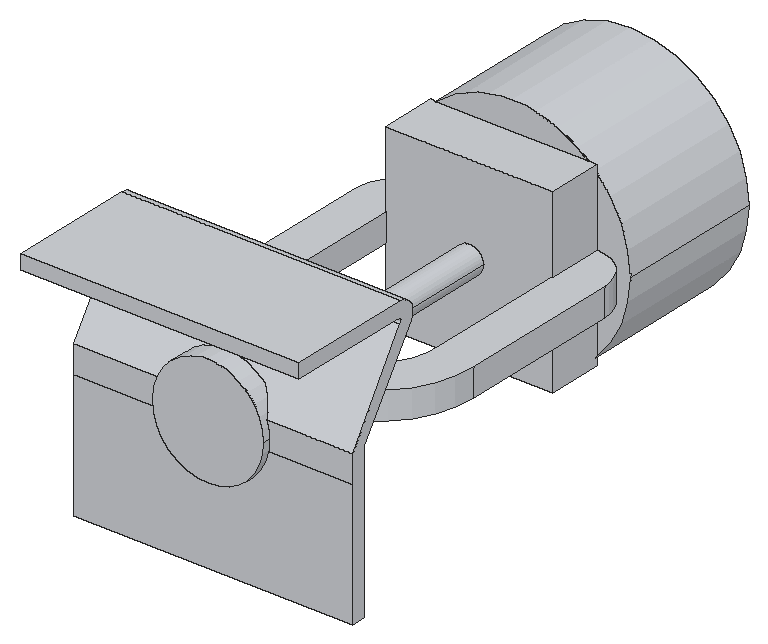
Revit family
Parameters (values of type "RASCO F1FR QREC EC9")
  Temperature Rating = 175 °F
  Response = 1
  RASCO SIN # = "R4862"
  RASCO Part # = "F1FREC95C"
  Pressure Rating = "300 PSI"
  Pressure Class = 1
  Orifice Size = 17/32"
  Orifice = (empty or 0)
  Model = "F1FR"
  Manufacturer = "RASCO"
  K-Factor = 8
  Description = "Chrome Finish"
  Coverage = 1
Reference planes (in)
  plane 1 "Center (Front/Back)": y = 0
  plane 2: z = 0
  plane 3 "Center (Left/Right)": x = 0
Dimensions and locks (in)
  aligned and locked: plane 2 to level
Nested families (in)
  nested 1: "RASCO- F1FREC95C" at (-4.13928, -0.61466, 0), type "RASCO F1FR OREC EC9"
Connectors (in)
  piping at (-4.15164, 0.73459, 1.25584)
    settings: on nested 1, index 1, connector radius 17/32", flow factor 0, pipe flow 0 GPM, pressure drop 0.00 psi, fitting loss kfactor 0, connector angle 0.00°, fixture units 0, flow configuration 0, flow direction 0, fitting loss method 0, system type 7, connector reference index -1, connector utility 0, adjustable connector no, is connector primary yes, fitting loss table "", connector description ""
Definition of nested family "RASCO- F1FREC95C"
  Parameters (values of type "RASCO F1FR OREC EC9")
    Type Comments = ""
    Temperature Rating = 0 °F
    Response = (empty or 0)
    Pressure Rating = "0"
    Pressure Class = (empty or 0)
    Orifice Size = 0"
    Orifice = (empty or 0)
    Model = ""
    Manufacturer = ""
    K-Factor = 0
    Description = ""
    Coverage = (empty or 0)
    Assembly Code = ""
  Reference planes (in)
    plane 1 "Center (Front/Back)": y = 0
    plane 2: z = 0
    plane 3 "ref.2": z = 0.6875
    plane 4 "ref.3": z = 0.9375
    plane 5: x = -0.38065
    plane 6: x = 0.36935
    plane 7 "ref. side 1": y = 0.06402
    plane 8 "ref. side 2": y = -0.06098
    plane 9 "ref.4": z = 1.875
    plane 10 "ref.5": z = 2.3125
    plane 11 "ref.6": z = 2.4375
    plane 12 "center": x = -0.00574
  Forms (in)
    Extrusion 1, solid
      sketch origin (-0.01236, 1.37309, 1.25584) x (-1, 0, 0) y (0, 0, -1)
        loop
          circle (0, 0) r 0.53125
      from 0.02383 to 0.6875
    Extrusion 2, solid
      sketch origin (0.10949, 0.68559, 1.20407) x (-1, 0, 0) y (0, 0, -1)
        loop
          line (-0.2588, 0.356) -> (-0.2588, -0.4565) -> (0.4912, -0.4565) -> (0.4912, 0.356) -> (-0.2588, 0.356)
      from 0 to 0.25
    Extrusion 3, solid
      sketch origin (-0.01236, 1.3722, 1.25584) x (-1, 0, 0) y (0, -1, 0)
        loop
          line (-0.38065, 0.68754) -> (-0.38065, 1.58397)
          arc (-0.38065, 1.58397) -> (-0.29541, 1.78976) -> (-0.08962, 1.875) r 0.29103
          line (-0.08962, 1.875) -> (0.07524, 1.875)
          arc (0.07524, 1.875) -> (0.28321, 1.78886) -> (0.36935, 1.58089) r 0.29411
          line (0.36935, 1.58089) -> (0.36935, 0.68751)
          arc (0.36935, 0.68751) -> (0.50207, 0.74393) -> (0.55685, 0.87734) r 0.18984
          line (0.55685, 0.87734) -> (0.55685, 1.61676)
          arc (0.55685, 1.61676) -> (0.42629, 1.93194) -> (0.11111, 2.0625) r 0.44574
          line (0.11111, 2.0625) -> (-0.12259, 2.0625)
          arc (-0.12259, 2.0625) -> (-0.43765, 1.932) -> (-0.56815, 1.61694) r 0.44556
          line (-0.56815, 1.61694) -> (-0.56815, 0.87876)
          arc (-0.56815, 0.87876) -> (-0.51345, 0.74486) -> (-0.38065, 0.68754) r 0.19126
      from -0.06402 to 0.06098
    Extrusion 4, solid
      sketch origin (-0.01236, 0.43559, 1.25584) x (1, 0, 0) y (0, 0, 1)
        loop
          circle (0.00574, -0.00152) r 0.0625
      from 0 to 0.9375
    Extrusion 5, solid
      sketch origin (-0.01236, -0.50191, 1.25584) x (1, 0, 0) y (0, 0, 1)
        loop
          circle (0.00574, -0.00152) r 0.1875
      from 0 to 0.4375
    Extrusion 6, solid
      sketch origin (-0.01236, -0.89954, 1.2504) x (-1, 0, 0) y (0, 0, 1)
        loop
          circle (-0.00574, -0.00245) r 0.25
      from -0.13498 to -0.03987
    Extrusion 7, solid
      sketch origin (-0.00662, 1.2679, 1.26334) x (0, -1, 0) y (0, 0, 1)
        loop
          line (2.27263, -0.06402) -> (2.27263, 0.06098) -> (2.00466, 0.4658)
          arc (2.00466, 0.4658) -> (2.00382, 0.48409) -> (2.01953, 0.49348) r 0.01783
          line (2.01953, 0.49348) -> (2.57559, 0.49348) -> (2.57559, 0.55848) -> (2.00257, 0.55848)
          arc (2.00257, 0.55848) -> (1.94355, 0.52319) -> (1.9467, 0.4545) r 0.067
          line (1.9467, 0.4545) -> (2.20719, 0.06098) -> (2.20719, -0.62964) -> (2.27263, -0.62964) -> (2.27263, -0.06402)
      from -0.62515 to 0.62904
  Cuts and joins
    joined: Extrusion 1, Extrusion 2, Extrusion 4
